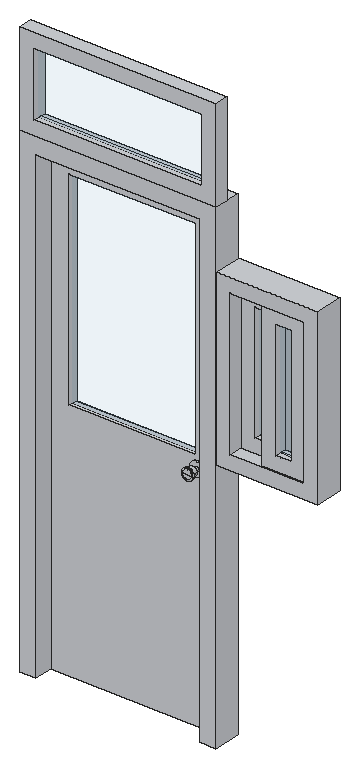
Revit family "D8A_鋁門", category 門, Revit 2014
Parameters (values of type "90 x 210 cm")
  玻璃 = 玻璃
  熱阻 (R) = 0.270117 (m²·K)/W
  Visual Light Transmittance = 0
  Solar Heat Gain Coefficient = 0
  營造類型 Id = "MDOOR"
  關鍵註記 = "單開門-矩形"
  傳熱係數 (U) = 3.7021 W/(m²·K)
  功能 = 室內
  門扇材料 = none
  門扇寬度 = Width - 2 * 開門側框寬度  # 750 mm
  門扇厚度 = 40 mm
  Assembly Code = ""
  Rough Height = Height  # 2100 mm
  Rough Width = Width  # 850 mm
  框架深度 = 120 mm
  框擋板寬度 = 門扇厚度 / 2  # 20 mm
  框總寬度 [instance] = 開門側框寬度 + 框擋板寬度  # 70 mm
  Height = 2100 mm
  牆封閉 = 依主體
  框架材料 = none
  開門側框寬度 = 50 mm
  握把五金 = none
  Width = 850 mm
  操作 = "左單開門方向"
  解析營造 = "金屬"
Reference planes
  plane 1: y = -210
  plane 2 "中心 (左/右)": x = 0
  plane 3 "左": x = -425
  plane 4 "右": x = 425
  plane 5: z = 2100
  plane 6 "外部": y = -135
  plane 7 "內部": y = -285
  plane 8: y = 320
  plane 9: y = -740
  plane 10: z = 1050
Forms (mm)
  Sweep 1, solid, material <- "框架材料"
    path origin (-5000, -210, 0) x (-1, 0, 0) y (0, 0, 1)
      loop
        line (-5425, 0) -> (-5425, 2100) -> (-4575, 2100) -> (-4575, 0)
    profile origin (425, -210, 1050) x (1, 0, 0) y (0, 1, 0)
      loop
        line (0, 60) -> (-50, 60) -> (-50, 20) -> (-70, 20) -> (-70, -60) -> (0, -60) -> (0, 60)
  Extrusion 2, solid, material <- "門扇材料"
    sketch origin (-5000, -210, 0) x (1, 0, 0) y (0, 0, 1)
      loop
        line (4625, 2050) -> (4625, 0) -> (5375, 0) -> (5375, 2050) -> (4625, 2050)
      loop
        line (5275, 1050) -> (5275, 1950) -> (4725, 1950) -> (4725, 1050) -> (5275, 1050)
    from -60 to -20
  Extrusion 3, solid, material "玻璃" <- "玻璃"
    sketch origin (-5000, -210, 0) x (1, 0, 0) y (0, 0, 1)
      loop
        line (5275, 1950) -> (4725, 1950) -> (4725, 1050) -> (5275, 1050) -> (5275, 1950)
    from -55 to -35
Lines and regions (mm)
  Opening 1
    outline origin (-3050, -285, 0) x (1, 0, 0) y (0, 0, 1)
      loop
        line (2625, 0) -> (3475, 0) -> (3475, 2100) -> (2625, 2100) -> (2625, 0)
  symbolic lines, style "Doors"
    curve 1: line (-375, -150, 0) -> (-335, -150, 0)
    curve 2: line (-375, 600, 0) -> (-375, -150, 0)
    curve 3: line (-335, 600, 0) -> (-375, 600, 0)
    curve 4: line (-335, -150, 0) -> (-335, 600, 0)
  symbolic lines, style "平面圖打開方向"
    curve 5: arc (375, -150, 0) -> (169.289, 365.994, 0) -> (-335, 598.933, 0) r 750
  symbolic lines, style "DoorsFrameMullionProjection"
    curve 6: line (-375, -150, 0) -> (-425, -150, 0)
    curve 7: line (-375, -270, 0) -> (-375, -150, 0)
    curve 8: line (-425, -270, 0) -> (-375, -270, 0)
    curve 9: line (-425, -150, 0) -> (-425, -270, 0)
    curve 10: line (375, -150, 0) -> (425, -150, 0)
    curve 11: line (375, -270, 0) -> (375, -150, 0)
    curve 12: line (425, -270, 0) -> (375, -270, 0)
    curve 13: line (425, -150, 0) -> (425, -270, 0)
  symbolic lines, style "立面圖打開方向"
    curve 14: line (-425, -285, 1050) -> (425, -285, 0)
    curve 15: line (-425, -135, 1050) -> (425, -135, 2100)
  model lines
    curve 16: line (275, -190, 950) -> (-275, -190, 950)
    curve 17: line (275, -190, 100) -> (275, -190, 950)
    curve 18: line (-275, -190, 100) -> (275, -190, 100)
    curve 19: line (-240, -190, 950) -> (-240, -190, 100)
    curve 20: line (-180, -190, 950) -> (-180, -190, 100)
    curve 21: line (-120, -190, 950) -> (-120, -190, 100)
    curve 22: line (-60, -190, 950) -> (-60, -190, 100)
    curve 23: line (0, -190, 950) -> (0, -190, 100)
    curve 24: line (60, -190, 950) -> (60, -190, 100)
    curve 25: line (120, -190, 950) -> (120, -190, 100)
    curve 26: line (180, -190, 950) -> (180, -190, 100)
    curve 27: line (240, -190, 950) -> (240, -190, 100)
    curve 28: line (275, -150, 950) -> (-275, -150, 950)
    curve 29: line (275, -150, 100) -> (275, -150, 950)
    curve 30: line (-275, -150, 100) -> (275, -150, 100)
    curve 31: line (-275, -150, 950) -> (-275, -150, 100)
    curve 32: line (-240, -150, 950) -> (-240, -150, 100)
    curve 33: line (-180, -150, 950) -> (-180, -150, 100)
    curve 34: line (-120, -150, 950) -> (-120, -150, 100)
    curve 35: line (-60, -150, 950) -> (-60, -150, 100)
    curve 36: line (0, -150, 950) -> (0, -150, 100)
    curve 37: line (60, -150, 950) -> (60, -150, 100)
    curve 38: line (120, -150, 950) -> (120, -150, 100)
    curve 39: line (180, -150, 950) -> (180, -150, 100)
    curve 40: line (240, -150, 950) -> (240, -150, 100)
Text (mm)
  text "外部" at (-2295.016, 1099.543, 0), in view "參考樓層"
  text "外部" at (0, 1615.38, 3698.081), in view "左"
  text "外部" at (0, 1036.032, 3874.932), in view "右"
Dimensions and locks
  equal spacing: plane 3 "左", plane 2 "中心 (左/右)", plane 4 "右"
  "Width": plane 3 "左" to plane 4 "右"
  "Height": plane 5 to host wall
  host wall to plane 5 = 2100 mm  (x2)
  locked: plane 6 "外部" to host wall at 0
  locked: plane 7 "內部" to host wall
  equal spacing: Sweep 1 sketch curve, host wall, Sweep 1 sketch curve
  "框架深度": Sweep 1 sketch curve to Sweep 1 sketch curve
  "門扇厚度": Sweep 1 sketch curve to Sweep 1 sketch curve
  "開門側框寬度": Sweep 1 sketch curve to Sweep 1 sketch curve
  "框擋板寬度": Sweep 1 sketch curve to Sweep 1 sketch curve
  "Width": Sweep 1 sketch curve to Sweep 1 sketch curve
  "門扇厚度": curve 2 to curve 4
  "門扇寬度": curve 3 to curve 1
  "開門側框寬度": curve 11 to Sweep 1
  "開門側框寬度": curve 9 to curve 7
  equal spacing: Sweep 1, host wall, Sweep 1  (x2)
  "框架深度": Sweep 1 to Sweep 1  (x2)
  equal spacing: curve 6, plane 1, curve 8
  "框架深度": curve 6 to curve 8
  equal spacing: curve 12, plane 1, curve 10
  "框架深度": curve 12 to curve 10
  locked: nested 2 to Sweep 1 at 75
  locked: nested 1 to Sweep 1 at 75
  equal spacing: plane 8, plane 1, plane 9
  plane 8 to plane 9 = 1060 mm
  "門扇厚度": Extrusion 2 to Extrusion 2
  "門扇寬度": radius of curve 5
  aligned and locked: plane 3 "左" to Opening 1 sketch curve
  aligned and locked: plane 5 to Opening 1 sketch curve  (x2)
  aligned and locked: Opening 1 sketch curve to plane 4 "右"
  aligned and locked: Opening 1 sketch curve to level
  aligned and locked: plane 1 to host wall
  aligned and locked: Sweep 1 to Extrusion 2 sketch curve
  aligned and locked: Extrusion 2 sketch curve to Sweep 1  (x2)
  aligned and locked: level to Extrusion 2 sketch curve
  aligned and locked: Extrusion 2 to Sweep 1
  aligned and locked: nested 1 to Extrusion 2
  aligned and locked: Extrusion 2 to nested 2
  aligned and locked: plane 4 "右" to curve 15
  aligned and locked: plane 5 to curve 15
  aligned and locked: level to curve 14
  aligned and locked: plane 4 "右" to curve 14
  aligned and locked: plane 10 to curve 15
  aligned and locked: plane 3 "左" to curve 15
  aligned and locked: curve 14 to curve 15
  aligned and locked: plane 10 to Extrusion 2
  aligned and locked: nested 5 to nested 6
  aligned and locked: plane 3 "左" to nested 6
  aligned and locked: nested 5 to plane 4 "右"
  aligned and locked: plane 4 "右" to nested 6
Automatic sketch dimensions
  curve 14 to plane 10 = 0 mm
  plane 4 "右" to Sweep 1 sketch curve = 0 mm
  Sweep 1 sketch curve to plane 5 = 0 mm
  Sweep 1 sketch curve to level = 0 mm  (x2)
  Sweep 1 sketch curve to profile plane = 0 mm
  curve 9 to plane 3 "左" = 0 mm
  curve 13 to plane 4 "右" = 0 mm
  Extrusion 2 sketch curve to plane 10 = 0 mm
  Extrusion 2 sketch curve to plane 3 "左" = 150 mm
  plane 5 to Extrusion 2 sketch curve = 150 mm
  Extrusion 2 sketch curve to Extrusion 2 sketch curve = 100 mm
  Extrusion 3 sketch curve to plane 10 = 0 mm
  Extrusion 3 sketch curve to plane 3 "左" = 150 mm
  plane 5 to Extrusion 3 sketch curve = 150 mm
  plane 4 "右" to Extrusion 3 sketch curve = 150 mm
  Extrusion 2 to curve 18 = 0 mm  (x2)
  curve 18 to Extrusion 2 = 100 mm
  Extrusion 2 to curve 16 = 0 mm
  curve 17 to Extrusion 2 = 100 mm
  plane 4 "右" to curve 30 = 150 mm
  curve 29 to plane 10 = 100 mm
  curve 30 to plane 3 "左" = 150 mm
  curve 28 to plane 3 "左" = 150 mm
  level to curve 29 = 100 mm
Nested families
  nested 1: "喇叭鎖" at (355, -190, 0) x (-1, 0, 0) z (0, 0, 1), type "喇叭鎖"
  nested 2: "喇叭鎖" at (355, -150, 0) x (-1, 0, 0) z (0, 0, 1), type "喇叭鎖"
  nested 3: "喇叭鎖" at (365, 60, 1000), type "喇叭鎖", not visible
  nested 4: "喇叭鎖" at (365, 20, 1000), type "喇叭鎖", not visible
  nested 5: "雙開窗- (1)" at (645, -390, 0) x (-1, 0, 0) z (0, 0, 1), type "44 x 75 cm"
    with Height 750 mm, 預設窗台高度 1100 mm, Rough Height 750 mm, Rough Width 440 mm, Width 440 mm
  nested 6: "固定窗-矩形- (1)" at (0, -210, 0), type "85 x 40 cm"
    with Height 400 mm, 預設窗台高度 2100 mm, Rough Height 400 mm, Rough Width 850 mm, Width 850 mm
Definition of nested family "喇叭鎖"
  Parameters (values of type "喇叭鎖")
    Assembly Code = ""
    握把高度 = 1000 mm
    握把與版面側邊距離 = 75 mm
    握把五金 = none
  Reference planes
    plane 1 "中心 (前/後)": y = 0
    plane 2: z = 0
    plane 3 "中心 (左/右)": x = 0
    plane 4: x = 75
  Forms (mm)
    Revolve 1, solid, material <- "握把五金"
      sketch origin (511.236, -60, 1000) x (1, 0, 0) y (0, 1, 0)
        loop
          line (-436.236, 60) -> (-406.236, 60) -> (-406.236, 66) -> (-426.236, 66) -> (-426.236, 85) -> (-417.636, 85) -> (-411.236, 109.7) -> (-411.236, 113.2) -> (-415.736, 115) -> (-436.236, 115) -> (-436.236, 60)
        axis (-436.236, 60) -> (-436.236, 115)
      angle from 0 to 360
  Dimensions and locks
    "握把與版面側邊距離": plane 3 "中心 (左/右)" to plane 4
    "握把高度": Revolve 1 to level
  Automatic sketch dimensions
    plane 3 "中心 (左/右)" to Revolve 1 sketch curve = 75 mm  (x2)
    Revolve 1 sketch curve to plane 1 "中心 (前/後)" = 0 mm
    plane 3 "中心 (左/右)" to Revolve 1 sketch curve = 85 mm
    Revolve 1 sketch curve to Revolve 1 sketch curve = 8.6 mm
    plane 3 "中心 (左/右)" to Revolve 1 sketch curve = 95.5 mm
    Revolve 1 sketch curve to Revolve 1 sketch curve = 4.5 mm
    Revolve 1 sketch curve to Revolve 1 sketch curve = 20 mm
    plane 1 "中心 (前/後)" to Revolve 1 sketch curve = 60 mm
    Revolve 1 sketch curve to Revolve 1 sketch curve = 6 mm
    Revolve 1 sketch curve to Revolve 1 sketch curve = 19 mm
    Revolve 1 sketch curve to Revolve 1 sketch curve = 24.7 mm
    Revolve 1 sketch curve to Revolve 1 sketch curve = 3.5 mm
    Revolve 1 sketch curve to Revolve 1 sketch curve = 1.8 mm
    Revolve 1 sketch curve to Revolve 1 sketch curve = 200 mm
Definition of nested family "雙開窗- (1)"
  Parameters (values of type "100 x 150 cm")
    Visual Light Transmittance = 0.9
    Solar Heat Gain Coefficient = 0.78
    Construction Type Id = ""
    Height = 1500 mm
    Heat Transfer Coefficient (U) = 3.6886 W/(m²·K)
    預設窗台高度 = 900 mm
    Keynote = "雙開窗"
    Rough Height = Height  # 1500 mm
    Rough Width = Width  # 1000 mm
    裝飾外框寬度 = 60 mm
    玻璃材質 = none
    Wall Closure = (empty or 0)
    裝飾外框材料 = none
    裝飾外框厚度 = 120 mm
    Width = 1000 mm
    Operation = "垂直雙重面板"
    內部框架材料 = none
    內框寬度 = 60 mm
    內框厚度 = 50 mm
    Analytic Construction = (empty or 0)
  Reference planes
    plane 1: y = -180
    plane 2 "中心 (左/右)": x = 0
    plane 3 "左": x = -500
    plane 4 "右": x = 500
    plane 5 "窗台": z = 900
    plane 6 "窗頂": z = 2400
    plane 7 "外部": y = -105
    plane 8 "內部": y = -255
    plane 9: x = -30
    plane 10: x = 30
    plane 11: y = -120
    plane 12: y = -240
    plane 13: x = -440
    plane 14: x = 440
    plane 15: z = 2340
    plane 16: z = 960
  Forms (mm)
    Extrusion 1, solid, material <- "裝飾外框材料"
      sketch origin (0, -180, 0) x (1, 0, 0) y (0, 0, 1)
        loop
          line (-500, 2400) -> (-500, 900) -> (500, 900) -> (500, 2400) -> (-500, 2400)
        loop
          line (-440, 2340) -> (-440, 960) -> (440, 960) -> (440, 2340) -> (-440, 2340)
      from 60 to -60
  Lines and regions (mm)
    Opening 1
      outline origin (3442.648, -255, 0) x (1, 0, 0) y (0, 0, 1)
        loop
          line (-2942.648, 900) -> (-2942.648, 2400) -> (-3942.648, 2400) -> (-3942.648, 900) -> (-2942.648, 900)
  Text (mm)
    text "外部" at (-1963.203, 1332.353, 0), in view "參考樓層"
    text "內部" at (-1981.466, -818.386, 0), in view "參考樓層"
    text "外部" at (0, 923.751, 2943.296), in view "右"
    text "外部" at (0, 1040.484, 2685.409), in view "左"
  Dimensions and locks
    equal spacing: plane 3 "左", plane 2 "中心 (左/右)", plane 4 "右"
    "Width": plane 3 "左" to plane 4 "右"
    "Height": plane 5 "窗台" to plane 6 "窗頂"
    "預設窗台高度": plane 5 "窗台" to level
    locked: plane 7 "外部" to host wall at 0
    locked: plane 8 "內部" to host wall
    equal spacing: plane 9, plane 2 "中心 (左/右)", plane 10
    "內框寬度": plane 9 to plane 10
    equal spacing: plane 11, plane 1, plane 12
    "裝飾外框厚度": plane 11 to plane 12
    "裝飾外框寬度": plane 6 "窗頂" to plane 15
    "裝飾外框寬度": plane 16 to plane 5 "窗台"
    "裝飾外框寬度": plane 3 "左" to plane 13
    "裝飾外框寬度": plane 14 to plane 4 "右"
    aligned and locked: plane 1 to nested 1
    aligned and locked: plane 1 to nested 2
    aligned and locked: nested 1 to plane 10
    aligned and locked: nested 2 to plane 9
    aligned and locked: plane 1 to host wall
    aligned and locked: host wall to Extrusion 1 sketch curve
    aligned and locked: Extrusion 1 sketch curve to host wall  (x3)
    aligned and locked: Opening 1 sketch curve to plane 6 "窗頂"
    aligned and locked: Opening 1 sketch curve to plane 4 "右"
    aligned and locked: Opening 1 sketch curve to plane 5 "窗台"
    aligned and locked: Opening 1 sketch curve to plane 3 "左"
    aligned and locked: Extrusion 1 sketch curve to plane 15
    aligned and locked: plane 13 to Extrusion 1 sketch curve
    aligned and locked: Extrusion 1 sketch curve to plane 14
    aligned and locked: plane 16 to Extrusion 1 sketch curve
    aligned and locked: plane 15 to nested 2
    aligned and locked: plane 16 to nested 2
    aligned and locked: nested 1 to plane 15
    aligned and locked: nested 1 to plane 16
    aligned and locked: nested 1 to plane 13
    aligned and locked: plane 14 to nested 2
    aligned and locked: plane 11 to Extrusion 1
    aligned and locked: Extrusion 1 to plane 12
  Nested families
    nested 1: "窗框" at (-504.928, -1099.367, -40), type "窗框"
      with Height 1380 mm, Width 535 mm
    nested 2: "窗框" at (-29.928, 739.367, -40), type "窗框"
      with Height 1380 mm, Width 535 mm
  Definition of nested family "窗框"
    Parameters (values of type "窗框")
      Height [instance] = 500 mm
      護桿寬度 = 20 mm
      護桿厚度 = 10 mm
      Rough Height = 500 mm
      Rough Width = 600 mm
      Width [instance] = 600 mm
      裝飾外框材料 = none
      玻璃材質 = none
      玻璃厚度 = 10 mm
      裝飾外框寬度 = 60 mm
      裝飾外框厚度 = 50 mm
      Assembly Code = ""
    Reference planes
      plane 1 "中心 (前/後)": y = -919.367
      plane 2: z = 0
      plane 3 "中心 (左/右)": x = 267.428
      plane 4 "玻璃-上": y = -939.367
      plane 5 "玻璃-下": y = -949.367
      plane 6: y = -969.367
      plane 7: x = -32.572
      plane 8: x = 567.428
      plane 9: x = 27.428
      plane 10: x = 507.428
      plane 11: z = 1440
      plane 12: z = 1500
      plane 13: z = 1060
      plane 14: z = 1000
      plane 15: y = -944.367
    Forms (mm)
      Extrusion 1, solid, material <- "玻璃材質"
        sketch origin (-1499.274, -944.367, 1200) x (-1, 0, 0) y (0, 0, 1)
          loop
            line (-1526.702, 240) -> (-2006.702, 240) -> (-2006.702, -140) -> (-1526.702, -140) -> (-1526.702, 240)
        from -5 to 5
      Extrusion 2, solid, material <- "裝飾外框材料"
        sketch origin (-1499.274, -944.367, 1200) x (-1, 0, 0) y (0, 0, 1)
          loop
            line (-1466.702, 300) -> (-2066.702, 300) -> (-2066.702, -200) -> (-1466.702, -200) -> (-1466.702, 300)
          loop
            line (-1526.702, 240) -> (-2006.702, 240) -> (-2006.702, -140) -> (-1526.702, -140) -> (-1526.702, 240)
        from -25 to 25
    Dimensions and locks
      equal spacing: plane 10, plane 3 "中心 (左/右)", plane 9
      "裝飾外框寬度": plane 8 to plane 10
      "裝飾外框寬度": plane 9 to plane 7
      "裝飾外框寬度": plane 12 to plane 11
      "Width": plane 8 to plane 7
      "裝飾外框寬度": plane 13 to plane 14
      "Height": plane 12 to plane 14
      plane 14 to level = 1000 mm
      equal spacing: plane 4 "玻璃-上", plane 15, plane 5 "玻璃-下"
      "玻璃厚度": plane 4 "玻璃-上" to plane 5 "玻璃-下"
      equal spacing: plane 6, plane 15, plane 1 "中心 (前/後)"
      "裝飾外框厚度": plane 6 to plane 1 "中心 (前/後)"
      aligned and locked: Extrusion 1 sketch curve to plane 11
      aligned and locked: plane 9 to Extrusion 1 sketch curve
      aligned and locked: Extrusion 1 sketch curve to plane 10
      aligned and locked: plane 13 to Extrusion 1 sketch curve
      aligned and locked: plane 7 to Extrusion 2 sketch curve
      aligned and locked: Extrusion 2 sketch curve to plane 12
      aligned and locked: Extrusion 2 sketch curve to plane 8
      aligned and locked: plane 9 to Extrusion 2 sketch curve
      aligned and locked: plane 13 to Extrusion 2 sketch curve
      aligned and locked: Extrusion 2 sketch curve to plane 10
      aligned and locked: Extrusion 2 sketch curve to plane 11
      aligned and locked: Extrusion 2 sketch curve to plane 14
      aligned and locked: plane 2 to level
      aligned and locked: plane 6 to Extrusion 2
      aligned and locked: plane 1 "中心 (前/後)" to Extrusion 2
      aligned and locked: plane 5 "玻璃-下" to Extrusion 1
      aligned and locked: plane 4 "玻璃-上" to Extrusion 1
Definition of nested family "固定窗-矩形- (1)"
  Parameters (values of type "100 x 150 cm")
    Visual Light Transmittance = 0.9
    Solar Heat Gain Coefficient = 0.78
    Construction Type Id = ""
    Height = 1500 mm
    Heat Transfer Coefficient (U) = 3.6886 W/(m²·K)
    預設窗台高度 = 900 mm
    Keynote = "固定窗-矩形"
    Rough Height = Height  # 1500 mm
    Rough Width = Width  # 1000 mm
    玻璃材質 = none
    Wall Closure = (empty or 0)
    Width = 1000 mm
    裝飾外框材料 = none
    裝飾外框寬度 = 60 mm
    裝飾外框厚度 = 60 mm
    Analytic Construction = (empty or 0)
  Reference planes
    plane 1: y = 0
    plane 2 "中心 (左/右)": x = 0
    plane 3 "左": x = -500
    plane 4 "右": x = 500
    plane 5 "窗台": z = 900
    plane 6 "標頭": z = 2400
    plane 7 "外部": y = 75
    plane 8 "內部": y = -75
  Lines and regions (mm)
    Opening 1
      outline origin (3500, -75, 0) x (1, 0, 0) y (0, 0, 1)
        loop
          line (-3000, 900) -> (-3000, 2400) -> (-4000, 2400) -> (-4000, 900) -> (-3000, 900)
  Text (mm)
    text "外部" at (-1963.203, 1332.353, 0), in view "參考樓層"
    text "內部" at (-1981.466, -818.386, 0), in view "參考樓層"
    text "外部" at (0, 923.751, 2943.296), in view "右"
    text "外部" at (0, 1040.484, 2685.409), in view "左"
  Dimensions and locks
    equal spacing: plane 3 "左", plane 2 "中心 (左/右)", plane 4 "右"
    "Width": plane 3 "左" to plane 4 "右"
    "Height": plane 5 "窗台" to plane 6 "標頭"
    "預設窗台高度": plane 5 "窗台" to level
    locked: plane 7 "外部" to host wall at 0
    locked: plane 8 "內部" to host wall
    aligned and locked: plane 1 to nested 1
    aligned and locked: nested 1 to plane 3 "左"
    aligned and locked: nested 1 to plane 4 "右"
    aligned and locked: nested 1 to plane 6 "標頭"
    aligned and locked: nested 1 to plane 5 "窗台"
  Automatic sketch dimensions
    Opening 1 sketch curve to plane 3 "左" = 0 mm
    Opening 1 sketch curve to plane 4 "右" = 0 mm
    Opening 1 sketch curve to plane 5 "窗台" = 0 mm
    Opening 1 sketch curve to plane 6 "標頭" = 0 mm
  Nested families
    nested 1: "窗框" at (-267.428, 919.367, -100), type "窗框"
      with Height 1500 mm, Width 1000 mm
  Definition of nested family "窗框"
    Parameters (values of type "窗框")
      Height [instance] = 500 mm
      護桿寬度 = 20 mm
      護桿厚度 = 10 mm
      Rough Height = 500 mm
      Rough Width = 600 mm
      Width [instance] = 600 mm
      裝飾外框材料 = none
      玻璃材質 = none
      玻璃厚度 = 10 mm
      裝飾外框寬度 = 60 mm
      裝飾外框厚度 = 60 mm
      Assembly Code = ""
    Reference planes
      plane 1 "中心 (前/後)": y = -919.367
      plane 2: z = 0
      plane 3 "中心 (左/右)": x = 267.428
      plane 4 "玻璃-上": y = -944.367
      plane 5 "玻璃-下": y = -954.367
      plane 6: y = -979.367
      plane 7: x = -32.572
      plane 8: x = 567.428
      plane 9: x = 27.428
      plane 10: x = 507.428
      plane 11: z = 1440
      plane 12: z = 1500
      plane 13: z = 1060
      plane 14: z = 1000
      plane 15: y = -949.367
    Forms (mm)
      Extrusion 1, solid, material <- "玻璃材質"
        sketch origin (-1499.274, -949.367, 1200) x (-1, 0, 0) y (0, 0, 1)
          loop
            line (-1526.702, 240) -> (-2006.702, 240) -> (-2006.702, -140) -> (-1526.702, -140) -> (-1526.702, 240)
        from -5 to 5
      Extrusion 2, solid, material <- "裝飾外框材料"
        sketch origin (-1499.274, -949.367, 1200) x (-1, 0, 0) y (0, 0, 1)
          loop
            line (-1466.702, 300) -> (-2066.702, 300) -> (-2066.702, -200) -> (-1466.702, -200) -> (-1466.702, 300)
          loop
            line (-1526.702, 240) -> (-2006.702, 240) -> (-2006.702, -140) -> (-1526.702, -140) -> (-1526.702, 240)
        from -30 to 30
    Dimensions and locks
      equal spacing: plane 10, plane 3 "中心 (左/右)", plane 9
      "裝飾外框寬度": plane 8 to plane 10
      "裝飾外框寬度": plane 9 to plane 7
      "裝飾外框寬度": plane 12 to plane 11
      "Width": plane 8 to plane 7
      "裝飾外框寬度": plane 13 to plane 14
      "Height": plane 12 to plane 14
      plane 14 to level = 1000 mm
      equal spacing: plane 4 "玻璃-上", plane 15, plane 5 "玻璃-下"
      "玻璃厚度": plane 4 "玻璃-上" to plane 5 "玻璃-下"
      equal spacing: plane 6, plane 15, plane 1 "中心 (前/後)"
      "裝飾外框厚度": plane 6 to plane 1 "中心 (前/後)"
      aligned and locked: Extrusion 1 sketch curve to plane 11
      aligned and locked: plane 9 to Extrusion 1 sketch curve
      aligned and locked: Extrusion 1 sketch curve to plane 10
      aligned and locked: plane 13 to Extrusion 1 sketch curve
      aligned and locked: plane 7 to Extrusion 2 sketch curve
      aligned and locked: Extrusion 2 sketch curve to plane 12
      aligned and locked: Extrusion 2 sketch curve to plane 8
      aligned and locked: plane 9 to Extrusion 2 sketch curve
      aligned and locked: plane 13 to Extrusion 2 sketch curve
      aligned and locked: Extrusion 2 sketch curve to plane 10
      aligned and locked: Extrusion 2 sketch curve to plane 11
      aligned and locked: Extrusion 2 sketch curve to plane 14
      aligned and locked: plane 2 to level
      aligned and locked: plane 6 to Extrusion 2
      aligned and locked: plane 1 "中心 (前/後)" to Extrusion 2
      aligned and locked: plane 5 "玻璃-下" to Extrusion 1
      aligned and locked: plane 4 "玻璃-上" to Extrusion 1
